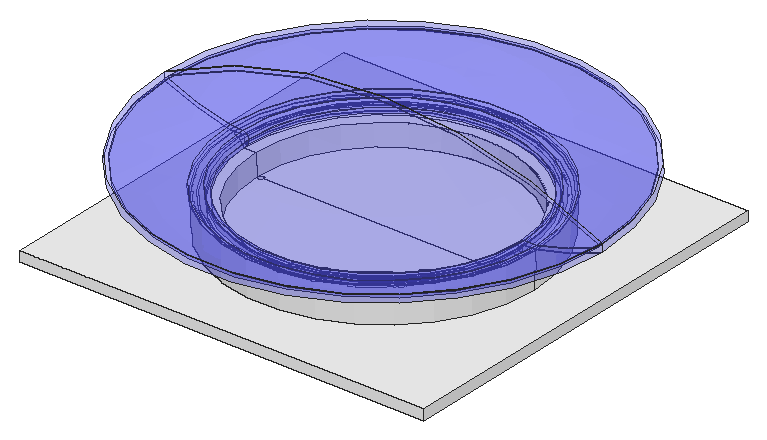
Revit family "BE_24041_de_DE", category Leuchten, Revit 2020
Family settings
  Basisbauteil = Fläche
  Bemaßung runder Anschluss = Durchmesser verwenden
  Teiletyp = Normal
  Beim Laden mit Abzugskörper schneiden = Ja
  Lichtquelle = Ja
  Gemeinsam genutzt = Nein
  Raumberechnungspunkt = Ja
Parameters (values of type "BEGA_24041_Weiß_K4")
  built-in parameter 1150104 = 13.592 (stored number, unit not read)
  Wattage = 28.1 W
  Default Elevation = 0 mm
  built-in parameter 1150113 = 1 (stored number, unit not read)
  built-in parameter 1114218 = 1 (stored number, unit not read)
  Umgebungstemperatur = "25 °C"
  URL = "https://www.bega.com/de/produkt/24041"
  Typenkommentare = "© 2022 BEGA. Wir behalten uns das Recht vor, technische Änderungen ohne vorherige Ankündigung vorzunehmen."  # constant formula
  Type Image = 24041.png
  built-in parameter 1150134 = 12
  built-in parameter 1150109 = 1 (stored number, unit not read)
  Strom = ""
  built-in parameter 1150110 = 1 (stored number, unit not read)
  Spannung = 239.996 V
  Sonderanfertigung = no
  Seriennummer [instance] = "Hier können Sie die eindeutige Seriennummer für das Facility Management eintragen."
  Schutzklasse = "I"
  Schutzart = "IP 65"
  Scheinlast = 0 VA
  Produktdatenblatt = "https://cdn.bega.com/bega/products/24041K3/current/documents/data-sheets/de"
  Oberflächentemperatur = ""
  Neigungswinkel = 0.00°
  Modell = "24041K4"
  Material_17 = BEGA_Reflektor
  Material_15 = BEGA_Leuchtmedium_matt
  Material_11 = BEGA_Glas_opal
  Material_09 = BEGA_Glas_klar
  Material_06 = BEGA_Oberfläche_Edelstahl_gebürstet
  Material_03 = BEGA_Oberfläche_Weiss_matt
  Material_02 = BEGA_Oberfläche_Silber_matt
  Material_01 [instance] = BEGA_Oberfläche_Grafit_matt
  M_W = yes
  M_G = no
  M_A = no
  Logo = 0
  built-in parameter 1114217 = 1 (stored number, unit not read)
  built-in parameter 1150139 = (empty or 0)
  built-in parameter 1150105 = 327.15 (stored number, unit not read)
  built-in parameter 1150114 = 1 (stored number, unit not read)
  Lumens = 4111.03 lm
  built-in parameter 1150115 = 1 (stored number, unit not read)
  Leuchtenlichtstrom = "4081 lm"
  Leuchtenanzahl = ""
  Lebensdauerkriterien = "L70B50 @ 25 °C = 108000 h"
  Lastklassifizierung = Beleuchtung
  built-in parameter 1150112 = 1 (stored number, unit not read)
  Lampenlichtstrom = "5010 lm"
  Lampe = "LED 27.6 W"
  LED_Modulbezeichnung = "LED-0832/840"
  Hersteller = "BEGA"  # constant formula
  Halbstreuwinkel = ""
  Gewicht = "4.55 kg"
  Gebrauchslageneinschränkung [instance] = ""
  Frequenz = "0/50-60 Hz"
  Farbwiedergabeindex = "CRI > 80"
  Farbtemperaturverschiebung bei Dämpfen der Lampe = <Keine Auswahl>
  Farbtemperatur = "4000 K"
  Color Filter = 16777215
  built-in parameter 1150133 = 10 (stored number, unit not read)
  Energieeffizienzklasse = "LED A++ - A"
  built-in parameter 1150137 = (empty or 0)
  built-in parameter 1150132 = (empty or 0)
  ENEC = "ja"
  Dimmbar [instance] = "DALI"
  Datei für fotometrisches Netz = "BE_24041K4.IES"
  CE_Konformität = "ja"
  Bestellnummer = "24041K4"
  Beschreibung_Sonderanfertigung = "Hier können Sie Informationen zur Sonderanfertigung eintragen."
  Beschreibung = "Decken- und Wandleuchte"
  built-in parameter 1150106 = 3.2715 (stored number, unit not read)
  Befestigungsbohrung = "Ø 5,5 mm"
  Befestigungsabstand = "283 mm"
  Ballwurfsicher = ""
  BEGA_Intern_aus = yes
  BEGA_Intern_an = yes
  BEGA_Intern_Konstruktion = yes
  BEGA_Intern = yes
  BEGA_IES = yes
  BEGA_Dummy = no
  Anschlussleitung = ""
  Anschlussleistung [instance] = "30.8 W"
  built-in parameter 1150107 = 4000 (stored number, unit not read)
  built-in parameter 1150102 = (empty or 0)
  built-in parameter 1150138 = (empty or 0)
  Aktualisierung = "2022-05-18T04:00:07"
  Abstand_zur_angestrahlten_Fläche [instance] = ""
  AC/DC = "AC/DC"
Types (2, lengths in mm): name | built-in parameter 1150134 | Modell | Leuchtenlichtstrom | Lampenlichtstrom | LED_Modulbezeichnung | Farbtemperatur | Datei für fotometrisches Netz | Bestellnummer | built-in parameter 1150107
  BEGA_24041_Weiß_K3 | (empty or 0) | "24041K3" | "4020 lm" | "4935 lm" | "LED-0832/830" | "3000 K" | "BE_24041K3.IES" | "24041K3" | 3000 (stored number, unit not read)
  BEGA_24041_Weiß_K4 | 12 | "24041K4" | "4081 lm" | "5010 lm" | "LED-0832/840" | "4000 K" | "BE_24041K4.IES" | "24041K4" | 4000 (stored number, unit not read)
Reference planes
  plane 1 "Mitte (Vorne/Hinten)": y = 0
  plane 2: z = 0
  plane 3 "Mitte (Links/Rechts)": x = 0
  plane 4 "Links": x = -217
  plane 5 "Rechts": x = 217
  plane 6 "Unten": y = -217
  plane 7 "Oben": y = 217
  plane 8 "Vorne": z = 118.511
  plane 9 "Hinten": z = 0
Forms (mm)
  Extrusion 1, solid, material "BEGA_Platte_Weiss"
    sketch origin (0, -1119.2, 0) x (1, 0, 0) y (0, 1, 0)
      loop
        line (-200, 1319.2) -> (-200, 919.2) -> (200, 919.2) -> (200, 1319.2) -> (-200, 1319.2)
    from 0 to -10
  Extrusion 2, solid, material "BEGA_Dummy_matt", visible <- "BEGA_Dummy"
    sketch origin (77.149, -76.023, 0) x (1, 0, 0) y (0, 1, 0)
      loop
        circle (-77.149, 76.023) r 217
    from 0 to 118.511
Dimensions and locks
  plane 1 "Mitte (Vorne/Hinten)" to Extrusion 1 = 200 mm
  aligned and locked: plane 2 to Extrusion 1
  aligned and locked: level to Extrusion 1
  aligned and locked: Extrusion 2 to nested 1
  aligned and locked: plane 8 "Vorne" to nested 1
  aligned and locked: level to plane 9 "Hinten"
Nested families
  nested 1: "BE_24041" at (0, 0, 0) x (0, 1, 0) z (0, 0, 1), type "BE_24041"
Connectors
  electrical at (0, 0, 0), driven by "Lastklassifizierung", driven by "Spannung", driven by "Scheinlast"
    settings: index 1, voltage 239.996 V, apparent load 0 VA, apparent load phase1 0 VA, apparent load phase2 0 VA, apparent load phase3 0 VA, power factor 1, load classification "Beleuchtung", number of poles 1, system type 31, power factor state 1, is connector primary yes, connector utility no, sub classification motor no, connector description ""
Definition of nested family "BE_24041"
  Parameters (values of type "BE_24041")
    Default Elevation = 1 mm
    URL = "http://www.bega.de/de/produkt"
    Type Comments = "© 2015 BEGA. Wir behalten uns das Recht vor, technische Änderungen ohne vorherige Ankündigung vorzunehmen. "  # constant formula
    Type Image = (empty or 0)
    Neigungswinkel_um_Z2 = 0.00°
    Neigungswinkel_um_Z1 = 0.00°
    Neigungswinkel_um_Y2 = 0.00°
    Neigungswinkel_um_Y1 = 0.00°
    Neigungswinkel_um_X2 = 0.00°
    Neigungswinkel_um_X1 = 0.00°
    Material_17 = none
    Material_15 = none
    Material_11 = none
    Material_09 = none
    Material_06 = none
    Material_03 = none
    Material_02 = none
    Material_01 = none
    M_W = yes
    M_G = yes
    M_A = yes
    Länge_Platte = 200 mm  # constant formula
    Höhe_Platte = -10 mm  # constant formula
    Manufacturer = "BEGA"  # constant formula
    Drehwinkel_um_Z2 = 0.00°
    Drehwinkel_um_Z1 = 0.00°
    Breite_Platte = 200 mm  # constant formula
  Reference planes
    plane 1 "Mitte (Oben/Unten)": y = 0
    plane 2: z = 0
    plane 3 "Mitte (Links/Rechts)": x = 0
    plane 4 "Vorne": z = 118.511
    plane 5 "Hinten": z = -100
    plane 6: x = 217
    plane 7: x = -217
    plane 8: y = -217
    plane 9: y = 217
  Forms (mm)
    Extrusion 1, solid, detail levels medium
      sketch origin (0, 0, 0) x (1, 0, 0) y (0, 1, 0)
        loop
          line (-100, 100) -> (-100, -100) -> (100, -100) -> (100, 100) -> (-100, 100)
      from 0 to -10 <- "Höhe_Platte"
    Revolve 2, solid, material <- "Material_11"
      sketch origin (0, 0, 0) x (0, 1, 0) y (0, 0, 1)
        loop
          line (-137.5, 34) -> (-137.5, 29) -> (-133.5, 29) -> (-133.5, 34.052)
          arc (-133.5, 34.052) -> (-135.196, 38.232) -> (-139.326, 40.049) r 6
          line (-139.326, 40.049) -> (-151.585, 40.37)
          arc (-151.585, 40.37) -> (-182.828, 48.091) -> (-212.909, 59.528) r 266
          line (-212.909, 59.528) -> (-212.805, 62.529)
          arc (-212.805, 62.529) -> (-109.529, 101.319) -> (0, 114.5) r 461.662
          line (0, 114.5) -> (0, 118.5)
          arc (0, 118.5) -> (-111.614, 104.926) -> (-216.721, 64.995) r 465.666
          line (-216.721, 64.995) -> (-217, 57)
          arc (-217, 57) -> (-185.154, 44.63) -> (-152, 36.38) r 270
          line (-152, 36.38) -> (-139.456, 36.051)
          arc (-139.456, 36.051) -> (-138.07, 35.45) -> (-137.5, 34.052) r 2
        axis (0, 118.5) -> (0, 29)
      angle from 0 to 360
    Revolve 3, solid, material <- "Material_03"
      sketch origin (0, 0, 0) x (0, 1, 0) y (0, 0, 1)
        loop
          line (145.43, 32) -> (142.948, 32) -> (138.43, 25) -> (126.465, 25) -> (125.732, 4) -> (0, 4) -> (0, 1.5) -> (123.813, 1.5) -> (123.813, 0) -> (128.094, 0) -> (128.635, 15.5) -> (147.113, 15.5) -> (147.375, 0.5) -> (149.389, 0.5) -> (149.988, 34.816)
          arc (149.988, 34.816) -> (149.552, 35.488) -> (148.765, 35.335) r 0.717
          line (148.765, 35.335) -> (145.43, 32)
        axis (0, 0) -> (0, 35.335)
      angle from 0 to 360
    Extrusion 4, void
      sketch origin (0, 0, 0) x (1, 0, 0) y (0, 1, 0)
        loop
          circle (0, -121.466) r 2.845
        loop
          circle (0, 121.466) r 2.845
      from 0 to 4
    Extrusion 5, void
      sketch origin (0, 0, 0) x (1, 0, 0) y (0, 1, 0)
        loop
          circle (-92.298, 12.5) r 7.05
        loop
          circle (-92.298, -12.5) r 7.05
      from 0 to 25
  Cuts and joins
    Extrusion 4, Extrusion 5 cuts Revolve 2
    Extrusion 4, Extrusion 5 cuts Revolve 3
  Dimensions and locks
    equal spacing: Extrusion 1 sketch curve, plane 3 "Mitte (Links/Rechts)", Extrusion 1 sketch curve
    equal spacing: Extrusion 1 sketch curve, plane 1 "Mitte (Oben/Unten)", Extrusion 1 sketch curve
    "Länge_Platte": Extrusion 1 sketch curve to Extrusion 1 sketch curve
    "Breite_Platte": Extrusion 1 sketch curve to Extrusion 1 sketch curve
    aligned and locked: plane 2 to Extrusion 1
    aligned and locked: level to Extrusion 1
  Automatic sketch dimensions
    Revolve 2 sketch curve to plane 1 "Mitte (Oben/Unten)" = 0 mm  (x3)
    plane 1 "Mitte (Oben/Unten)" to Revolve 2 sketch curve = 0.001 mm
    Revolve 2 sketch curve to Revolve 2 sketch curve = 0 mm  (x5)
    level to Revolve 2 sketch curve = 29 mm
    Revolve 2 sketch curve to Revolve 2 sketch curve = 4 mm
    Revolve 2 sketch curve to Revolve 2 sketch curve = 5.826 mm
    Revolve 2 sketch curve to Revolve 2 sketch curve = 0.13 mm
    Revolve 2 sketch curve to Revolve 2 sketch curve = 0.044 mm
    Revolve 2 sketch curve to Revolve 2 sketch curve = 12.259 mm
    Revolve 2 sketch curve to Revolve 2 sketch curve = 0.415 mm
    Revolve 2 sketch curve to Revolve 2 sketch curve = 0.105 mm
    Revolve 2 sketch curve to Revolve 2 sketch curve = 3.916 mm
    Revolve 2 sketch curve to Revolve 2 sketch curve = 4.091 mm
    Revolve 2 sketch curve to plane 5 "Hinten" = 247.162 mm
    Revolve 2 sketch curve to Revolve 2 sketch curve = 0.004 mm
    Revolve 2 sketch curve to Revolve 2 sketch curve = 5.052 mm
    Revolve 2 sketch curve to Revolve 2 sketch curve = 2 mm
    Revolve 2 sketch curve to Revolve 2 sketch curve = 0.328 mm
    Revolve 2 sketch curve to Revolve 2 sketch curve = 3.998 mm
    Revolve 2 sketch curve to Revolve 2 sketch curve = 3.991 mm
    level to Revolve 2 sketch curve = 57 mm
    Revolve 2 sketch curve to Revolve 2 sketch curve = 2.528 mm
    Revolve 2 sketch curve to Revolve 2 sketch curve = 3.001 mm
    Revolve 2 sketch curve to Revolve 2 sketch curve = 2.467 mm
    Revolve 2 sketch curve to Revolve 2 sketch curve = 0.052 mm  (x3)
    Revolve 2 sketch curve to Revolve 2 sketch curve = 47.505 mm
    Revolve 2 sketch curve to Revolve 2 sketch curve = 22.005 mm
    Revolve 3 sketch curve to plane 1 "Mitte (Oben/Unten)" = 0 mm  (x2)
    Revolve 3 sketch curve to level = 0 mm
    level to Revolve 3 sketch curve = 1.5 mm
    level to Revolve 3 sketch curve = 4 mm
    Revolve 3 sketch curve to Revolve 3 sketch curve = 1.919 mm
    level to Revolve 3 sketch curve = 25 mm
    Revolve 3 sketch curve to Revolve 3 sketch curve = 0.733 mm
    Revolve 3 sketch curve to Revolve 3 sketch curve = 4.281 mm
    level to Revolve 3 sketch curve = 15.5 mm
    Revolve 3 sketch curve to Revolve 3 sketch curve = 2.17 mm
    Revolve 3 sketch curve to Revolve 3 sketch curve = 11.965 mm
    Revolve 3 sketch curve to Revolve 3 sketch curve = 4.518 mm
    Revolve 3 sketch curve to Revolve 3 sketch curve = 2.482 mm
    Revolve 3 sketch curve to Revolve 3 sketch curve = 8.683 mm
    level to Revolve 3 sketch curve = 0.5 mm
    Revolve 3 sketch curve to Revolve 3 sketch curve = 0.262 mm
    Revolve 3 sketch curve to Revolve 3 sketch curve = 3.335 mm
    Revolve 3 sketch curve to Revolve 3 sketch curve = 0.507 mm
    Revolve 3 sketch curve to Revolve 3 sketch curve = 2.014 mm
    Revolve 3 sketch curve to Revolve 3 sketch curve = 0.716 mm
    Revolve 3 sketch curve to Revolve 3 sketch curve = 7 mm
    Revolve 3 sketch curve to Revolve 3 sketch curve = 2.816 mm
    Revolve 3 sketch curve to Revolve 3 sketch curve = 0.013 mm
    Revolve 3 sketch curve to Revolve 3 sketch curve = 11.5 mm
    Revolve 3 sketch curve to Revolve 3 sketch curve = 6.57 mm
    Extrusion 4 sketch curve to plane 3 "Mitte (Links/Rechts)" = 0 mm  (x2)
    Extrusion 5 sketch curve to plane 1 "Mitte (Oben/Unten)" = 12.5 mm
    Extrusion 5 sketch curve to plane 3 "Mitte (Links/Rechts)" = 92.298 mm
    Extrusion 5 sketch curve to Extrusion 5 sketch curve = 0 mm
    plane 1 "Mitte (Oben/Unten)" to Extrusion 5 sketch curve = 12.5 mm
    plane 1 "Mitte (Oben/Unten)" to Revolve 2 sketch curve = 103.51 mm
    plane 1 "Mitte (Oben/Unten)" to Revolve 2 sketch curve = 133.5 mm
    Revolve 2 sketch curve to Revolve 2 sketch curve = 61.22 mm
    plane 1 "Mitte (Oben/Unten)" to Extrusion 4 sketch curve = 121.466 mm
    Revolve 3 sketch curve to plane 1 "Mitte (Oben/Unten)" = 123.813 mm
    Extrusion 4 sketch curve to plane 1 "Mitte (Oben/Unten)" = 121.466 mm
    radius of Extrusion 4 sketch curve = 2.845 mm  (x2)
    radius of Extrusion 5 sketch curve = 7.05 mm  (x2)
